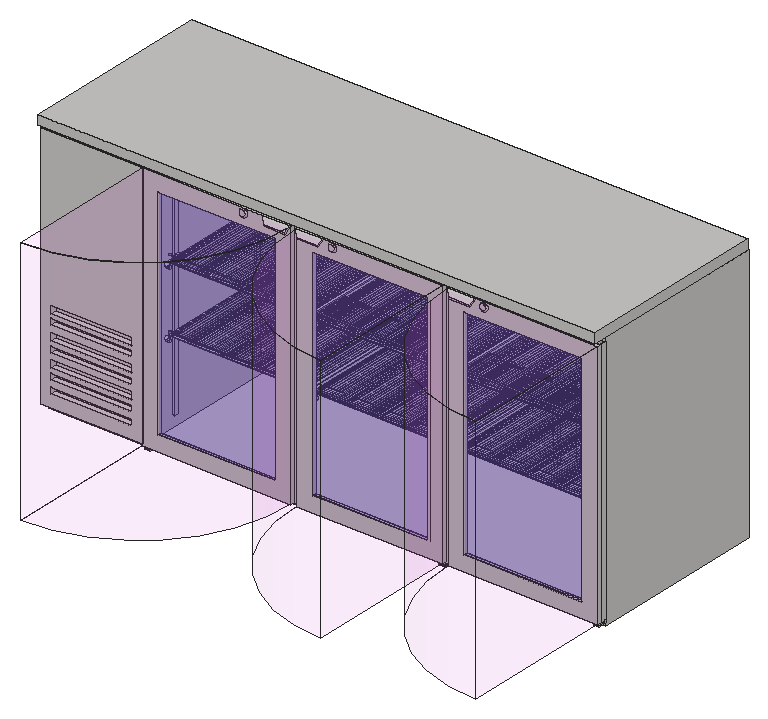
Revit family "QF_True_TBB24-72-3G-Z1-SFT-S-1_Glass_Swing_Door_Back_Bar", category Specialty Equipment, Revit 2021
Family settings
  Round Connector Dimension = Use Diameter
  Part Type = Normal
  Work Plane-Based = No
  Always vertical = Yes
  Cut with Voids When Loaded = No
  Shared = No
  Room Calculation Point = No
Parameters
  Weight in Pounds = 415
  Watts = Volts * FL Amps  # 368 W
  Volts = 115 V
  URL Cutsheet = ""
  Specification by User = ""
  Specification by Manufacturer = ""
  Show Seismic Flanged [instance] = yes
  Show Door Clearance [instance] = yes
  Show Default [instance] = if(or([Show 2" Casters], [Show 3" Casters]), or(or([Show 4" Casters], [Show 5" Casters], [Show 6" Legs]), and([Show 2" Casters], [Show 3" Casters]), and([Show 3" Casters], Show Seismic Flanged)), if(or([Show 4" Casters], [Show 5" Casters]), or(or([Show 6" Legs], Show Seismic Flanged), and([Show 4" Casters], [Show 5" Casters])), if([Show 6" Legs], Show Seismic Flanged, not(Show Seismic Flanged))))  # yes
  Show 6" Legs [instance] = yes
  Show 5" Casters [instance] = yes
  Show 4" Casters [instance] = yes
  Show 3" Casters [instance] = yes
  Show 2" Casters [instance] = yes
  Serial Number = ""
  Seismic Rating = ""
  SMACNA No = ""
  Revision Code = ""
  Phase = 1
  Number of Poles = 1
  NAFEM Spec ID Number = ""
  Model = "TBB24-72-3G-Z1-SFT-S-1"
  Min Ckt Ampacity = 0 A
  Max Overcurrent Protection = 0 A
  Masterspec = ""
  Manufacturer = "True"
  Length = 72 1/32"
  Item Number = ""
  Installed By = ""
  Identify Quantity as Lot = yes
  Height [instance] = Base Height + Body Height  # 34 23/32"
  HP = "1/4"
  Furnished By = ""
  Foodservice Equipment Identifier = yes
  FL Amps = 3.2 A
  Electrical Remarks = ""
  Electric Connection Type = ""
  Elec Conn RI Height = 0"
  Elec Conn Connection Height = 0"
  Door Finish [instance] = QF_Metal_Stainless_Polished
  Description = "Glass Swing Door Back Bar 24\" Depth Single Zone Cooler with Stainless Finished Top and Black Exterior"
  Depth = 25 11/32"
  Default Elevation = 0"
  Cycle = 60 Hz
  Counter Top Finish [instance] = QF_Metal_Stainless_Polished
  Conn Plug = "NEMA 5-15P"
  Conn Conduit = yes
  CSI MasterFormat = ""
  Body Height [instance] = 34 23/32"
  Body Finish [instance] = QF_Metal_Stainless_Polished
  Base Height [instance] = if(Show Default, 0", if([Show 2" Casters], 2", if([Show 3" Casters], 3", if([Show 4" Casters], 4", if([Show 5" Casters], 5", if([Show 6" Legs], 6", if(Show Seismic Flanged, 6", 0")))))))  # 0"
  Apparent Power = 0 VA
Reference planes (in)
  plane 1 "BACK": y = 0
  plane 2: z = 0
  plane 3 "LEFT": x = 0
  plane 4 "RIGHT": x = 72.03125
  plane 5 "FRONT": y = -25.34375
  plane 6 "TOP": z = 34.71875
  plane 7 "Center Y": x = 36.01563
  plane 8 "Center X": y = -12.67188
  plane 9: z = 0
Dimensions and locks (in)
  equal spacing: plane 3 "LEFT", plane 7 "Center Y", plane 4 "RIGHT"
  "Length": plane 3 "LEFT" to plane 4 "RIGHT"
  equal spacing: plane 5 "FRONT", plane 8 "Center X", plane 1 "BACK"
  "Depth": plane 5 "FRONT" to plane 1 "BACK"
  plane 6 "TOP" to level = 34 23/32"
  "Base Height": plane 9 to level
  "Body Height": plane 6 "TOP" to plane 9
  aligned and locked: level to plane 2
  aligned and locked: nested 1 to plane 9
Nested families (in)
  nested 1: "TBB24-72-3G-Z1-BST-B-1" at (0, 0, 0), Show Door Clearance <- "Show Door Clearance", Body Finish <- "Body Finish", Counter Top Finishes <- "Counter Top Finish", Door Finish <- "Door Finish", type "TBB24-72-3G-Z1-BST-B-1"
    with Show Door Clearance yes, Door Finish QF_Metal_Stainless_Polished, Counter Top Finishes QF_Metal_Stainless_Polished, Body Finish QF_Metal_Stainless_Polished
  nested 2: "Family3" at (2.5, -20.84523, 0), Show 2" Casters <- "Show 2" Casters", Show 3" Casters <- "Show 3" Casters", Show 4" Casters <- "Show 4" Casters", Show 5" Casters <- "Show 5" Casters", Show 6" Legs <- "Show 6" Legs", Show Seismic Flanged <- "Show Seismic Flanged", type "Family3"
    with Show Seismic Flanged yes, Show 6" Legs yes, Show 5" Casters yes, Show 4" Casters yes, Show 3" Casters yes, Show 2" Casters yes
  nested 3: "Family3" at (69.53125, -20.84523, 0), Show 2" Casters <- "Show 2" Casters", Show 3" Casters <- "Show 3" Casters", Show 4" Casters <- "Show 4" Casters", Show 5" Casters <- "Show 5" Casters", Show 6" Legs <- "Show 6" Legs", Show Seismic Flanged <- "Show Seismic Flanged", type "Family3"
    with Show Seismic Flanged yes, Show 6" Legs yes, Show 5" Casters yes, Show 4" Casters yes, Show 3" Casters yes, Show 2" Casters yes
  nested 4: "Family3" at (2.5, -3.09523, 0), Show 2" Casters <- "Show 2" Casters", Show 3" Casters <- "Show 3" Casters", Show 4" Casters <- "Show 4" Casters", Show 5" Casters <- "Show 5" Casters", Show 6" Legs <- "Show 6" Legs", Show Seismic Flanged <- "Show Seismic Flanged", type "Family3"
    with Show Seismic Flanged yes, Show 6" Legs yes, Show 5" Casters yes, Show 4" Casters yes, Show 3" Casters yes, Show 2" Casters yes
  nested 5: "Family3" at (69.53125, -3.09523, 0), Show 2" Casters <- "Show 2" Casters", Show 3" Casters <- "Show 3" Casters", Show 4" Casters <- "Show 4" Casters", Show 5" Casters <- "Show 5" Casters", Show 6" Legs <- "Show 6" Legs", Show Seismic Flanged <- "Show Seismic Flanged", type "Family3"
    with Show Seismic Flanged yes, Show 6" Legs yes, Show 5" Casters yes, Show 4" Casters yes, Show 3" Casters yes, Show 2" Casters yes
Connectors (in)
  electrical at (5.92159, 0.23047, 18.89834), driven by "Volts", driven by "Watts"
    settings: on nested 1, index 1, voltage 115 V, apparent load 368 VA, apparent load phase1 0 VA, apparent load phase2 0 VA, apparent load phase3 0 VA, power factor 1, load classification "Other", number of poles 1, system type 30, power factor state 1, is connector primary yes, connector utility no, sub classification motor no, connector description "ELECTRICAL CONNECTION"
Definition of nested family "TBB24-72-3G-Z1-BST-B-1"
  Parameters (values of type "TBB24-72-3G-Z1-BST-B-1")
    Weight in Pounds = 0
    URL Cutsheet = ""
    Specification by User = ""
    Specification by Manufacturer = ""
    Show Door Clearance [instance] = yes
    Serial Number = ""
    Seismic Rating = ""
    SMACNA No = ""
    Revision Code = ""
    NAFEM Spec ID Number = ""
    Masterspec = ""
    Length = 72 1/32"
    Item Number = ""
    Installed By = ""
    Identify Quantity as Lot = yes
    Height = 34 23/32"
    Furnished By = ""
    Foodservice Equipment Identifier = yes
    Door Finish [instance] = none
    Depth = 25 11/32"
    Default Elevation = 0"
    Counter Top Finishes [instance] = none
    CSI MasterFormat = ""
    Body Finish [instance] = none
  Reference planes (in)
    plane 1 "BACK": y = 0
    plane 2: z = 0
    plane 3 "LEFT": x = 0
    plane 4 "RIGHT": x = 72.03125
    plane 5 "FRONT": y = -25.34375
    plane 6 "TOP": z = 34.71875
    plane 7 "Center Y": x = 36.01563
    plane 8 "Center X": y = -12.67188
    plane 9: y = -44.09375
    plane 10: y = -24.875
    plane 11: z = 0.28263
    plane 12: x = 13.15625
    plane 13: x = 52.40625
    plane 14: y = -21.84523
    plane 15: y = -21.84523
    plane 16: y = -21.84523
    plane 17: y = -21.84523
    plane 18: y = -21.84523
    plane 19: y = -21.84523
    plane 20: y = -21.84523
    plane 21: y = -21.84523
    plane 22: y = -21.84523
    plane 23: y = -21.84523
    plane 24: y = -21.84523
    plane 25: y = -21.84523
    plane 26: y = -21.84523
    plane 27: y = -21.84523
    plane 28: y = -21.84523
    plane 29: y = -21.84523
    plane 30: y = -21.84523
    plane 31: y = -21.84523
    plane 32: y = -21.84523
    plane 33: y = -21.84523
    plane 34: y = -21.84523
    plane 35: y = -21.84523
    plane 36: y = -21.84523
    plane 37: y = -21.84523
    plane 38: y = -21.84523
    plane 39: y = -21.84523
    plane 40: y = -21.84523
    plane 41: y = -21.84523
    plane 42: y = -21.84523
    plane 43: y = -21.84523
    plane 44: y = -21.84523
    plane 45: y = -21.84523
    plane 46: y = -21.84523
    plane 47: y = -21.84523
    plane 48: y = -21.84523
    plane 49: y = -21.84523
    plane 50: y = -21.84523
    plane 51: y = -21.84523
    plane 52: y = -21.84523
    plane 53: y = -21.84523
    plane 54: y = -21.84523
    plane 55: y = -21.84523
    plane 56: y = -21.84523
    plane 57: y = -21.84523
    plane 58: y = -21.84523
    plane 59: y = -21.84523
    plane 60: y = -21.84523
    plane 61: y = -21.84523
    plane 62: y = -21.84523
    plane 63: y = -21.84523
    plane 64: y = -24.3696
  Forms (in)
    Extrusion 1, solid, material <- "Counter Top Finishes"
      sketch origin (0, 0, 0) x (1, 0, 0) y (0, 0, 1)
        loop
          line (0, 34.71875) -> (0, 33.46875) -> (72.03125, 33.46875) -> (72.03125, 34.71875) -> (0, 34.71875)
      from 0 to 24.875
    Extrusion 2, solid, material <- "Body Finish"
      sketch origin (0, 0, 0) x (0, 1, 0) y (0, 0, 1)
        loop
          line (0, 33.46875) -> (-23.09422, 33.46875) -> (-23.09422, 0) -> (0, 0) -> (0, 33.46875)
      from 0 to 72.03125
    Extrusion 3, solid, material <- "Body Finish"
      sketch origin (0, -23.09422, 33.46875) x (0, 0, -1) y (1, 0, 0)
        loop
          line (0.5625, 0) -> (32.48883, 0) -> (32.48883, 13.15625) -> (0.5625, 13.15625) -> (0.5625, 0)
      from 0 to 1.27538
    Extrusion 4, void
      sketch origin (0, -24.3696, 33.46875) x (0, 0, 1) y (1, 0, 0)
        loop
          line (-20.59422, 1.27626) -> (-20.59422, 11.8296) -> (-21.59422, 11.8296) -> (-21.59422, 1.27626) -> (-20.59422, 1.27626)
        loop
          line (-22.0483, 1.27626) -> (-22.0483, 11.8296) -> (-22.87544, 11.8296) -> (-22.87544, 1.27626) -> (-22.0483, 1.27626)
        loop
          line (-23.71922, 1.27626) -> (-23.71922, 11.8296) -> (-24.71922, 11.8296) -> (-24.71922, 1.27626) -> (-23.71922, 1.27626)
        loop
          line (-25.2983, 1.27626) -> (-25.2983, 11.8296) -> (-26.12544, 11.8296) -> (-26.12544, 1.27626) -> (-25.2983, 1.27626)
        loop
          line (-26.84422, 1.27626) -> (-26.84422, 11.8296) -> (-27.84422, 11.8296) -> (-27.84422, 1.27626) -> (-26.84422, 1.27626)
        loop
          line (-28.4233, 1.27626) -> (-28.4233, 11.8296) -> (-29.25044, 11.8296) -> (-29.25044, 1.27626) -> (-28.4233, 1.27626)
        loop
          line (-30.0483, 1.27626) -> (-30.0483, 11.8296) -> (-30.87544, 11.8296) -> (-30.87544, 1.27626) -> (-30.0483, 1.27626)
      from 0 to 0.83594
    Extrusion 5, solid, material <- "Body Finish"
      sketch origin (0, 0, 0) x (0, 0, 1) y (1, 0, 0)
        loop
          arc (20.62838, 11.27264) -> (20.40871, 11.80298) -> (19.87838, 12.02264) r 0.75
          line (19.87838, 12.02264) -> (1.3125, 12.02264)
          arc (1.3125, 12.02264) -> (0.78217, 11.80298) -> (0.5625, 11.27264) r 0.75
          line (0.5625, 11.27264) -> (0.5625, 0.75)
          arc (0.5625, 0.75) -> (0.78217, 0.21967) -> (1.3125, 0) r 0.75
          line (1.3125, 0) -> (19.87838, 0)
          arc (19.87838, 0) -> (20.40871, 0.21967) -> (20.62838, 0.75) r 0.75
          line (20.62838, 0.75) -> (20.62838, 5.19897) -> (21.06934, 5.19897)
          arc (21.06934, 5.19897) -> (21.81934, 5.94897) -> (21.06934, 6.69897) r 0.75
          line (21.06934, 6.69897) -> (20.62838, 6.69897) -> (20.62838, 11.27264)
      from 0 to 0.03125
    Extrusion 6, solid, material <- "Body Finish"
      sketch origin (0, 0.03125, 0) x (0, 0, 1) y (1, 0, 0)
        loop
          line (21.56934, 5.94897) -> (21.31934, 6.38198) -> (20.81934, 6.38198) -> (20.56934, 5.94897) -> (20.81934, 5.51596) -> (21.31934, 5.51596) -> (21.56934, 5.94897)
      from 0 to 0.19922
    Extrusion 7, solid, material <- "Body Finish"
      sketch origin (0, 0.03125, 0) x (0, 0, 1) y (1, 0, 0)
        loop
          circle (18.89834, 5.92159) r 0.5
      from 0 to 0.19922
    Extrusion 8, solid, material <- "Door Finish"
      sketch origin (0.80334, -23.09422, 33.46875) x (0, 0, -1) y (1, 0, 0)
        loop
          line (0.5625, 12.35291) -> (32.78125, 12.35291) -> (32.78125, 31.97791) -> (0.5625, 31.97791) -> (0.5625, 12.35291)
        loop
          line (31.78125, 13.35291) -> (31.78125, 30.97791) -> (1.5625, 30.97791) -> (1.5625, 13.35291) -> (31.78125, 13.35291)
      from 0 to 0.80663
    Extrusion 9, solid, material <- "Door Finish"
      sketch origin (40.05334, -23.09422, 33.46875) x (0, 0, -1) y (1, 0, 0)
        loop
          line (0.5625, 12.35496) -> (32.78125, 12.35496) -> (32.78125, 31.97791) -> (0.5625, 31.97791) -> (0.5625, 12.35496)
        loop
          line (31.78125, 13.79041) -> (31.78125, 30.97791) -> (1.5625, 30.97791) -> (1.5625, 13.79041) -> (31.78125, 13.79041)
      from 0 to 0.80663
    Extrusion 10, void
      sketch origin (0, -23.09422, 1.53125) x (1, 0, 0) y (0, -1, 0)
        loop
          line (14.13672, -18.75) -> (70.51172, -18.75) -> (70.51172, 0) -> (14.13672, 0) -> (14.13672, -18.75)
      from 0 to -30.84375
    Extrusion 11, solid, material <- "Door Finish"
      sketch origin (0.80334, -23.90085, 33.46875) x (0, 0, -1) y (1, 0, 0)
        loop
          line (0.5625, 12.35291) -> (32.78125, 12.35291) -> (32.78125, 31.60291) -> (0.5625, 31.60291) -> (0.5625, 12.35291)
        loop
          line (2.5625, 29.60291) -> (2.5625, 14.35291) -> (30.78125, 14.35291) -> (30.78125, 29.60291) -> (2.5625, 29.60291)
      from 0 to 0.46875
    Blend 12, solid, material <- "Door Finish"
      base sketch origin (0.80334, -24.3696, 33.46875) x (0, 0, -1) y (1, 0, 0)
        loop
          circle (1.15564, 25.41355) r 0.5
      top sketch origin (0.80334, -24.3696, 33.46875) x (0, 0, -1) y (1, 0, 0)
        loop
          circle (1.15564, 25.41355) r 0.39938
      from 0 to 0.12886
    Blend 13, solid, material <- "Door Finish"
      base sketch origin (83.50916, -24.3696, 33.46875) x (0, 0, -1) y (1, 0, 0)
        loop
          circle (1.15564, -26.16355) r 0.5
      top sketch origin (83.50916, -24.3696, 33.46875) x (0, 0, -1) y (1, 0, 0)
        loop
          circle (1.15564, -26.16355) r 0.39938
      from 0 to 0.12886
    Extrusion 14, solid
      sketch origin (-1.45011, -180, 0.28263) x (-1, 0, 0) y (0, -1, 0)
        loop
          line (-14.60636, -156.90578) -> (-14.60636, -156.03078)
          arc (-14.60636, -156.03078) -> (-14.64297, -155.9424) -> (-14.73136, -155.90578) r 0.125
          line (-14.73136, -155.90578) -> (-15.30008, -155.90578)
          arc (-15.30008, -155.90578) -> (-15.37178, -155.92839) -> (-15.41755, -155.98803) r 0.125
          line (-15.41755, -155.98803) -> (-15.69052, -156.73803)
          arc (-15.69052, -156.73803) -> (-15.67546, -156.85248) -> (-15.57306, -156.90578) r 0.125
          line (-15.57306, -156.90578) -> (-14.60636, -156.90578)
        loop
          line (-53.52038, -156.90578) -> (-52.55368, -156.90578)
          arc (-52.55368, -156.90578) -> (-52.45129, -156.85248) -> (-52.43622, -156.73803) r 0.125
          line (-52.43622, -156.73803) -> (-52.7092, -155.98803)
          arc (-52.7092, -155.98803) -> (-52.75496, -155.92839) -> (-52.82666, -155.90578) r 0.125
          line (-52.82666, -155.90578) -> (-53.39538, -155.90578)
          arc (-53.39538, -155.90578) -> (-53.48377, -155.9424) -> (-53.52038, -156.03078) r 0.125
          line (-53.52038, -156.03078) -> (-53.52038, -156.90578)
        loop
          line (-73.48136, -156.90578) -> (-72.51466, -156.90578)
          arc (-72.51466, -156.90578) -> (-72.41226, -156.85248) -> (-72.3972, -156.73803) r 0.125
          line (-72.3972, -156.73803) -> (-72.67017, -155.98803)
          arc (-72.67017, -155.98803) -> (-72.71594, -155.92839) -> (-72.78764, -155.90578) r 0.125
          line (-72.78764, -155.90578) -> (-73.35636, -155.90578)
          arc (-73.35636, -155.90578) -> (-73.44475, -155.9424) -> (-73.48136, -156.03078) r 0.125
          line (-73.48136, -156.03078) -> (-73.48136, -156.90578)
      from 0 to 0.07705
    Extrusion 15, solid
      sketch origin (0, -23.09422, 33.46875) x (0, 0, -1) y (1, 0, 0)
        loop
          line (33.18612, 13.15625) -> (33.18612, 14.24795) -> (32.78125, 14.24795) -> (32.78125, 13.15625) -> (33.18612, 13.15625)
        loop
          line (33.18612, 51.31455) -> (33.18612, 52.40625) -> (32.78125, 52.40625) -> (32.78125, 51.31455) -> (33.18612, 51.31455)
        loop
          line (33.18612, 70.93955) -> (33.18612, 72.03125) -> (32.78125, 72.03125) -> (32.78125, 70.93955) -> (33.18612, 70.93955)
      from 0 to 0.03214
    Extrusion 16, solid
      sketch origin (-1.45011, -180, 0.35968) x (-1, 0, 0) y (0, -1, 0)
        loop
          circle (-15.01572, -156.38971) r 0.25
        loop
          circle (-53.11102, -156.38971) r 0.25
        loop
          circle (-73.04647, -156.38971) r 0.25
      from 0 to 0.32782
    Extrusion 17, solid
      sketch origin (71.71875, 0, 33.46875) x (0, 1, 0) y (1, 0, 0)
        loop
          circle (-23.61029, -58.15314) r 0.25
        loop
          circle (-23.61029, -20.05784) r 0.25
        loop
          circle (-23.61029, -0.12239) r 0.25
      from 0 to 0.5625
    Extrusion 18, solid
      sketch origin (14.15625, -5.34422, 1.71962) x (0, 1, 0) y (0, 0, 1)
        loop
          line (-15.50101, 28.99913) -> (-15.50101, 1.46788) -> (-15.00101, 1.46788) -> (-15.00101, 28.99913) -> (-15.50101, 28.99913)
        loop
          line (-2.25101, 28.99913) -> (-2.25101, 1.46788) -> (-1.75101, 1.46788) -> (-1.75101, 28.99913) -> (-2.25101, 28.99913)
      from 0 to 0.38124
    Extrusion 19, solid
      sketch origin (14.15625, -4.34422, 1.71962) x (1, 0, 0) y (0, 0, 1)
        loop
          line (17.3189, 28.99913) -> (17.3189, 1.46788) -> (17.8189, 1.46788) -> (17.8189, 28.99913) -> (17.3189, 28.99913)
        loop
          line (1.3189, 28.99913) -> (1.3189, 1.46788) -> (1.8189, 1.46788) -> (1.8189, 28.99913) -> (1.3189, 28.99913)
        loop
          line (36.48437, 28.99913) -> (36.48437, 1.46788) -> (36.98437, 1.46788) -> (36.98437, 28.99913) -> (36.48437, 28.99913)
        loop
          line (19.9311, 28.99913) -> (19.4311, 28.99913) -> (19.4311, 1.46788) -> (19.9311, 1.46788) -> (19.9311, 28.99913)
        loop
          line (40.01563, 28.99913) -> (39.51563, 28.99913) -> (39.51563, 1.46788) -> (40.01563, 1.46788) -> (40.01563, 28.99913)
        loop
          line (55.01563, 28.99913) -> (54.51563, 28.99913) -> (54.51563, 1.46788) -> (55.01563, 1.46788) -> (55.01563, 28.99913)
      from 0 to 0.38281
    Sweep 20, solid
      path origin (-5.14658, -182.67731, 21.66353) x (-1, 0, 0) y (0, -1, 0)
        loop
          line (-19.93408, -160.83208) -> (-37.27783, -160.83208)
          arc (-37.27783, -160.83208) -> (-37.63138, -160.97853) -> (-37.77783, -161.33208) r 0.5
          line (-37.77783, -161.33208) -> (-37.77783, -177.20028)
          arc (-37.77783, -177.20028) -> (-37.63138, -177.55383) -> (-37.27783, -177.70028) r 0.5
          line (-37.27783, -177.70028) -> (-20.43408, -177.70028)
          arc (-20.43408, -177.70028) -> (-20.08052, -177.55383) -> (-19.93408, -177.20028) r 0.5
          line (-19.93408, -177.20028) -> (-19.93408, -160.33208)
          arc (-19.93408, -160.33208) -> (-20.08052, -159.97853) -> (-20.43408, -159.83208) r 0.5
          line (-20.43408, -159.83208) -> (-20.68408, -159.83208)
      profile origin (14.7875, -13.91113, 21.66353) x (1, 0, 0) y (0, 0, 1)
        loop
          circle (0, -0.10817) r 0.14183
    Extrusion 21, solid
      sketch origin (14.15625, -20.84523, 3.1875) x (0, 0, 1) y (-1, 0, 0)
        loop
          line (18.75728, -0.82407) -> (18.75728, -0.38124) -> (18.17613, -0.38124) -> (18.61896, -0.82407) -> (18.75728, -0.82407)
        loop
          line (18.75728, -55.5314) -> (18.61896, -55.5314) -> (18.17613, -55.97423) -> (18.75728, -55.97423) -> (18.75728, -55.5314)
      from 0 to -0.5
    Extrusion 22, solid
      sketch origin (14.15625, -7.59523, 3.1875) x (0, 0, 1) y (-1, 0, 0)
        loop
          line (18.75728, -0.82407) -> (18.75728, -0.38124) -> (18.17613, -0.38124) -> (18.61896, -0.82407) -> (18.75728, -0.82407)
        loop
          line (18.75728, -55.5314) -> (18.61896, -55.5314) -> (18.17613, -55.97423) -> (18.75728, -55.97423) -> (18.75728, -55.5314)
      from 0 to -0.5
    Extrusion 23, solid
      sketch origin (31.47515, -4.34422, 3.1875) x (0, 0, 1) y (0, 1, 0)
        loop
          line (18.75728, -0.82564) -> (18.75728, -0.38281) -> (18.17613, -0.38281) -> (18.61896, -0.82564) -> (18.75728, -0.82564)
      from 0 to -0.5
    Extrusion 24, solid
      sketch origin (15.47515, -4.34422, 3.1875) x (0, 0, 1) y (0, 1, 0)
        loop
          line (18.75728, -0.82564) -> (18.75728, -0.38281) -> (18.17613, -0.38281) -> (18.61896, -0.82564) -> (18.75728, -0.82564)
      from 0 to -0.5
    Extrusion 25, solid
      sketch origin (69.17188, -4.34422, 29.12947) x (0, 0, 1) y (0, -1, 0)
        loop
          line (-7.18469, 0.82564) -> (-7.32301, 0.82564) -> (-7.76583, 0.38281) -> (-7.18469, 0.38281) -> (-7.18469, 0.82564)
      from 0 to -0.5
    Extrusion 26, solid
      sketch origin (54.17188, -4.34422, 29.12947) x (0, 0, 1) y (0, -1, 0)
        loop
          line (-7.18469, 0.82564) -> (-7.32301, 0.82564) -> (-7.76583, 0.38281) -> (-7.18469, 0.38281) -> (-7.18469, 0.82564)
      from 0 to -0.5
    Extrusion 27, solid
      sketch origin (14.15625, -20.84523, -5.3125) x (0, 0, 1) y (-1, 0, 0)
        loop
          line (18.22603, -0.82407) -> (18.22603, -0.38124) -> (17.64488, -0.38124) -> (18.08771, -0.82407) -> (18.22603, -0.82407)
        loop
          line (18.22603, -55.5314) -> (18.08771, -55.5314) -> (17.64488, -55.97423) -> (18.22603, -55.97423) -> (18.22603, -55.5314)
      from 0 to -0.5
    Extrusion 28, solid
      sketch origin (14.15625, -7.59523, -5.3125) x (0, 0, 1) y (-1, 0, 0)
        loop
          line (18.22603, -0.82407) -> (18.22603, -0.38124) -> (17.64488, -0.38124) -> (18.08771, -0.82407) -> (18.22603, -0.82407)
        loop
          line (18.22603, -55.5314) -> (18.08771, -55.5314) -> (17.64488, -55.97423) -> (18.22603, -55.97423) -> (18.22603, -55.5314)
      from 0 to -0.5
    Extrusion 29, solid
      sketch origin (31.47515, -4.34422, -5.3125) x (0, 0, 1) y (0, 1, 0)
        loop
          line (18.22603, -0.82564) -> (18.22603, -0.38281) -> (17.64488, -0.38281) -> (18.08771, -0.82564) -> (18.22603, -0.82564)
      from 0 to -0.5
    Extrusion 30, solid
      sketch origin (15.47515, -4.34422, -5.3125) x (0, 0, 1) y (0, 1, 0)
        loop
          line (18.22603, -0.82564) -> (18.22603, -0.38281) -> (17.64488, -0.38281) -> (18.08771, -0.82564) -> (18.22603, -0.82564)
      from 0 to -0.5
    Extrusion 31, solid
      sketch origin (69.17188, -4.34422, 20.62947) x (0, 0, 1) y (0, -1, 0)
        loop
          line (-7.71594, 0.82564) -> (-7.85426, 0.82564) -> (-8.29708, 0.38281) -> (-7.71594, 0.38281) -> (-7.71594, 0.82564)
      from 0 to -0.5
    Extrusion 32, solid
      sketch origin (54.17188, -4.34422, 20.62947) x (0, 0, 1) y (0, -1, 0)
        loop
          line (-7.71594, 0.82564) -> (-7.85426, 0.82564) -> (-8.29708, 0.38281) -> (-7.71594, 0.38281) -> (-7.71594, 0.82564)
      from 0 to -0.5
    Sweep 33, solid
      path origin (-5.14658, -182.67731, 13.16353) x (-1, 0, 0) y (0, -1, 0)
        loop
          line (-19.93408, -160.83208) -> (-37.27783, -160.83208)
          arc (-37.27783, -160.83208) -> (-37.63138, -160.97853) -> (-37.77783, -161.33208) r 0.5
          line (-37.77783, -161.33208) -> (-37.77783, -177.20028)
          arc (-37.77783, -177.20028) -> (-37.63138, -177.55383) -> (-37.27783, -177.70028) r 0.5
          line (-37.27783, -177.70028) -> (-20.43408, -177.70028)
          arc (-20.43408, -177.70028) -> (-20.08052, -177.55383) -> (-19.93408, -177.20028) r 0.5
          line (-19.93408, -177.20028) -> (-19.93408, -160.33208)
          arc (-19.93408, -160.33208) -> (-20.08052, -159.97853) -> (-20.43408, -159.83208) r 0.5
          line (-20.43408, -159.83208) -> (-20.68408, -159.83208)
      profile origin (14.7875, -13.91113, 13.16353) x (1, 0, 0) y (0, 0, 1)
        loop
          circle (0, -0.10817) r 0.14183
    Extrusion 34, solid
      sketch origin (14.7875, -180.67756, 21.69719) x (0, 0, 1) y (0, -1, 0)
        loop
          circle (0.6482, -158.83233) r 0.05462
      from -0.25 to 17.83516
    Extrusion 35, solid
      sketch origin (14.7875, -180.67756, 13.19719) x (0, 0, 1) y (0, -1, 0)
        loop
          circle (0.11695, -158.83233) r 0.05462
      from -0.25 to 17.83516
    Extrusion 36, solid
      sketch origin (69.91954, -180.67756, 21.69719) x (0, 0, 1) y (0, 1, 0)
        loop
          circle (0.6482, 158.83233) r 0.05462
      from -0.21094 to 17.63204
    Extrusion 37, solid
      sketch origin (69.91954, -180.67756, 13.19719) x (0, 0, 1) y (0, 1, 0)
        loop
          circle (0.11695, 158.83233) r 0.05462
      from -0.21094 to 17.63204
    Extrusion 38, solid
      sketch origin (51.14062, -4.34422, 29.12947) x (0, 0, 1) y (0, -1, 0)
        loop
          line (-7.18469, 0.82564) -> (-7.32301, 0.82564) -> (-7.76583, 0.38281) -> (-7.18469, 0.38281) -> (-7.18469, 0.82564)
      from 0 to -0.5
    Extrusion 39, solid
      sketch origin (34.08735, -4.34422, 29.12947) x (0, 0, 1) y (0, -1, 0)
        loop
          line (-7.18469, 0.82564) -> (-7.32301, 0.82564) -> (-7.76583, 0.38281) -> (-7.18469, 0.38281) -> (-7.18469, 0.82564)
      from 0 to -0.5
    Extrusion 40, solid
      sketch origin (51.14062, -4.34422, 20.62947) x (0, 0, 1) y (0, -1, 0)
        loop
          line (-7.71594, 0.82564) -> (-7.85426, 0.82564) -> (-8.29708, 0.38281) -> (-7.71594, 0.38281) -> (-7.71594, 0.82564)
      from 0 to -0.5
    Extrusion 41, solid
      sketch origin (34.08735, -4.34422, 20.62947) x (0, 0, 1) y (0, -1, 0)
        loop
          line (-7.71594, 0.82564) -> (-7.85426, 0.82564) -> (-8.29708, 0.38281) -> (-7.71594, 0.38281) -> (-7.71594, 0.82564)
      from 0 to -0.5
    Sweep 42, solid
      path origin (13.60342, -182.67731, 21.66353) x (-1, 0, 0) y (0, -1, 0)
        loop
          line (-19.93408, -160.83208) -> (-37.27783, -160.83208)
          arc (-37.27783, -160.83208) -> (-37.63138, -160.97853) -> (-37.77783, -161.33208) r 0.5
          line (-37.77783, -161.33208) -> (-37.77783, -177.20028)
          arc (-37.77783, -177.20028) -> (-37.63138, -177.55383) -> (-37.27783, -177.70028) r 0.5
          line (-37.27783, -177.70028) -> (-20.43408, -177.70028)
          arc (-20.43408, -177.70028) -> (-20.08052, -177.55383) -> (-19.93408, -177.20028) r 0.5
          line (-19.93408, -177.20028) -> (-19.93408, -160.33208)
          arc (-19.93408, -160.33208) -> (-20.08052, -159.97853) -> (-20.43408, -159.83208) r 0.5
          line (-20.43408, -159.83208) -> (-20.93408, -159.83208)
      profile origin (33.5375, -13.91113, 21.66353) x (1, 0, 0) y (0, 0, 1)
        loop
          circle (0, -0.10817) r 0.14183
    Sweep 43, solid
      path origin (13.60342, -182.67731, 13.16353) x (-1, 0, 0) y (0, -1, 0)
        loop
          line (-19.93408, -160.83208) -> (-37.27783, -160.83208)
          arc (-37.27783, -160.83208) -> (-37.63138, -160.97853) -> (-37.77783, -161.33208) r 0.5
          line (-37.77783, -161.33208) -> (-37.77783, -177.20028)
          arc (-37.77783, -177.20028) -> (-37.63138, -177.55383) -> (-37.27783, -177.70028) r 0.5
          line (-37.27783, -177.70028) -> (-20.43408, -177.70028)
          arc (-20.43408, -177.70028) -> (-20.08052, -177.55383) -> (-19.93408, -177.20028) r 0.5
          line (-19.93408, -177.20028) -> (-19.93408, -160.33208)
          arc (-19.93408, -160.33208) -> (-20.08052, -159.97853) -> (-20.43408, -159.83208) r 0.5
          line (-20.43408, -159.83208) -> (-20.93408, -159.83208)
      profile origin (33.5375, -13.91113, 13.16353) x (1, 0, 0) y (0, 0, 1)
        loop
          circle (0, -0.10817) r 0.14183
    Sweep 44, solid
      path origin (32.35342, -182.67731, 21.66353) x (-1, 0, 0) y (0, -1, 0)
        loop
          line (-19.93408, -160.83208) -> (-37.27783, -160.83208)
          arc (-37.27783, -160.83208) -> (-37.63138, -160.97853) -> (-37.77783, -161.33208) r 0.5
          line (-37.77783, -161.33208) -> (-37.77783, -177.20028)
          arc (-37.77783, -177.20028) -> (-37.63138, -177.55383) -> (-37.27783, -177.70028) r 0.5
          line (-37.27783, -177.70028) -> (-20.43408, -177.70028)
          arc (-20.43408, -177.70028) -> (-20.08052, -177.55383) -> (-19.93408, -177.20028) r 0.5
          line (-19.93408, -177.20028) -> (-19.93408, -160.33208)
          arc (-19.93408, -160.33208) -> (-20.08052, -159.97853) -> (-20.43408, -159.83208) r 0.5
          line (-20.43408, -159.83208) -> (-20.68408, -159.83208)
      profile origin (52.2875, -13.91113, 21.66353) x (1, 0, 0) y (0, 0, 1)
        loop
          circle (0, -0.10817) r 0.14183
    Sweep 45, solid
      path origin (32.35342, -182.67731, 13.16353) x (-1, 0, 0) y (0, -1, 0)
        loop
          line (-19.93408, -160.83208) -> (-37.27783, -160.83208)
          arc (-37.27783, -160.83208) -> (-37.63138, -160.97853) -> (-37.77783, -161.33208) r 0.5
          line (-37.77783, -161.33208) -> (-37.77783, -177.20028)
          arc (-37.77783, -177.20028) -> (-37.63138, -177.55383) -> (-37.27783, -177.70028) r 0.5
          line (-37.27783, -177.70028) -> (-20.43408, -177.70028)
          arc (-20.43408, -177.70028) -> (-20.08052, -177.55383) -> (-19.93408, -177.20028) r 0.5
          line (-19.93408, -177.20028) -> (-19.93408, -160.33208)
          arc (-19.93408, -160.33208) -> (-20.08052, -159.97853) -> (-20.43408, -159.83208) r 0.5
          line (-20.43408, -159.83208) -> (-20.68408, -159.83208)
      profile origin (52.2875, -13.91113, 13.16353) x (1, 0, 0) y (0, 0, 1)
        loop
          circle (0, -0.10817) r 0.14183
    Extrusion 46, solid
      sketch origin (70.13048, -5.34422, 1.71962) x (0, 1, 0) y (0, 0, 1)
        loop
          line (-15.50101, 28.99913) -> (-15.50101, 1.46788) -> (-15.00101, 1.46788) -> (-15.00101, 28.99913) -> (-15.50101, 28.99913)
        loop
          line (-2.25101, 28.99913) -> (-2.25101, 1.46788) -> (-1.75101, 1.46788) -> (-1.75101, 28.99913) -> (-2.25101, 28.99913)
      from 0 to 0.38124
    Extrusion 47, solid
      sketch origin (33.7875, -180.67756, 21.69719) x (0, 0, 1) y (0, -1, 0)
        loop
          circle (0.6482, -158.83233) r 0.05462
      from -0.25 to 17.60313
    Extrusion 48, solid
      sketch origin (33.7875, -180.67756, 13.19719) x (0, 0, 1) y (0, -1, 0)
        loop
          circle (0.11695, -158.83233) r 0.05462
      from -0.25 to 17.59823
    Extrusion 49, solid
      sketch origin (0, 0, 0) x (1, 0, 0) y (0, 0, 1)
        loop
          circle (14.90115, 21.72801) r 0.03267
      from 4.97058 to 21.86282
    Extrusion 50, solid
      sketch origin (17.58335, 0, 0) x (1, 0, 0) y (0, 0, 1)
        loop
          circle (14.90115, 21.72801) r 0.03267
      from 4.97058 to 21.86282
    Extrusion 51, solid
      sketch origin (0.35884, 0, 0) x (1, 0, 0) y (0, 0, 1)
        loop
          circle (14.90115, 21.72801) r 0.03267
      from 4.97058 to 21.86282
    Extrusion 52, solid
      sketch origin (0.71769, 0, 0) x (1, 0, 0) y (0, 0, 1)
        loop
          circle (14.90115, 21.72801) r 0.03267
      from 4.97058 to 21.86282
    Extrusion 53, solid
      sketch origin (1.07653, 0, 0) x (1, 0, 0) y (0, 0, 1)
        loop
          circle (14.90115, 21.72801) r 0.03267
      from 4.97058 to 21.86282
    Extrusion 54, solid
      sketch origin (1.43538, 0, 0) x (1, 0, 0) y (0, 0, 1)
        loop
          circle (14.90115, 21.72801) r 0.03267
      from 4.97058 to 21.86282
    Extrusion 55, solid
      sketch origin (1.79422, 0, 0) x (1, 0, 0) y (0, 0, 1)
        loop
          circle (14.90115, 21.72801) r 0.03267
      from 4.97058 to 21.86282
    Extrusion 56, solid
      sketch origin (2.15306, 0, 0) x (1, 0, 0) y (0, 0, 1)
        loop
          circle (14.90115, 21.72801) r 0.03267
      from 4.97058 to 21.86282
    Extrusion 57, solid
      sketch origin (2.51191, 0, 0) x (1, 0, 0) y (0, 0, 1)
        loop
          circle (14.90115, 21.72801) r 0.03267
      from 4.97058 to 21.86282
    Extrusion 58, solid
      sketch origin (2.87075, 0, 0) x (1, 0, 0) y (0, 0, 1)
        loop
          circle (14.90115, 21.72801) r 0.03267
      from 4.97058 to 21.86282
    Extrusion 59, solid
      sketch origin (3.22959, 0, 0) x (1, 0, 0) y (0, 0, 1)
        loop
          circle (14.90115, 21.72801) r 0.03267
      from 4.97058 to 21.86282
    Extrusion 60, solid
      sketch origin (3.58844, 0, 0) x (1, 0, 0) y (0, 0, 1)
        loop
          circle (14.90115, 21.72801) r 0.03267
      from 4.97058 to 21.86282
    Extrusion 61, solid
      sketch origin (3.94728, 0, 0) x (1, 0, 0) y (0, 0, 1)
        loop
          circle (14.90115, 21.72801) r 0.03267
      from 4.97058 to 21.86282
    Extrusion 62, solid
      sketch origin (4.30613, 0, 0) x (1, 0, 0) y (0, 0, 1)
        loop
          circle (14.90115, 21.72801) r 0.03267
      from 4.97058 to 21.86282
    Extrusion 63, solid
      sketch origin (4.66497, 0, 0) x (1, 0, 0) y (0, 0, 1)
        loop
          circle (14.90115, 21.72801) r 0.03267
      from 4.97058 to 21.86282
    Extrusion 64, solid
      sketch origin (5.02381, 0, 0) x (1, 0, 0) y (0, 0, 1)
        loop
          circle (14.90115, 21.72801) r 0.03267
      from 4.97058 to 21.86282
    Extrusion 65, solid
      sketch origin (5.38266, 0, 0) x (1, 0, 0) y (0, 0, 1)
        loop
          circle (14.90115, 21.72801) r 0.03267
      from 4.97058 to 21.86282
    Extrusion 66, solid
      sketch origin (5.7415, 0, 0) x (1, 0, 0) y (0, 0, 1)
        loop
          circle (14.90115, 21.72801) r 0.03267
      from 4.97058 to 21.86282
    Extrusion 67, solid
      sketch origin (6.10035, 0, 0) x (1, 0, 0) y (0, 0, 1)
        loop
          circle (14.90115, 21.72801) r 0.03267
      from 4.97058 to 21.86282
    Extrusion 68, solid
      sketch origin (6.45919, 0, 0) x (1, 0, 0) y (0, 0, 1)
        loop
          circle (14.90115, 21.72801) r 0.03267
      from 4.97058 to 21.86282
    Extrusion 69, solid
      sketch origin (6.81803, 0, 0) x (1, 0, 0) y (0, 0, 1)
        loop
          circle (14.90115, 21.72801) r 0.03267
      from 4.97058 to 21.86282
    Extrusion 70, solid
      sketch origin (7.17688, 0, 0) x (1, 0, 0) y (0, 0, 1)
        loop
          circle (14.90115, 21.72801) r 0.03267
      from 4.97058 to 21.86282
    Extrusion 71, solid
      sketch origin (7.53572, 0, 0) x (1, 0, 0) y (0, 0, 1)
        loop
          circle (14.90115, 21.72801) r 0.03267
      from 4.97058 to 21.86282
    Extrusion 72, solid
      sketch origin (7.89456, 0, 0) x (1, 0, 0) y (0, 0, 1)
        loop
          circle (14.90115, 21.72801) r 0.03267
      from 4.97058 to 21.86282
    Extrusion 73, solid
      sketch origin (8.25341, 0, 0) x (1, 0, 0) y (0, 0, 1)
        loop
          circle (14.90115, 21.72801) r 0.03267
      from 4.97058 to 21.86282
    Extrusion 74, solid
      sketch origin (8.61225, 0, 0) x (1, 0, 0) y (0, 0, 1)
        loop
          circle (14.90115, 21.72801) r 0.03267
      from 4.97058 to 21.86282
    Extrusion 75, solid
      sketch origin (8.9711, 0, 0) x (1, 0, 0) y (0, 0, 1)
        loop
          circle (14.90115, 21.72801) r 0.03267
      from 4.97058 to 21.86282
    Extrusion 76, solid
      sketch origin (9.32994, 0, 0) x (1, 0, 0) y (0, 0, 1)
        loop
          circle (14.90115, 21.72801) r 0.03267
      from 4.97058 to 21.86282
    Extrusion 77, solid
      sketch origin (9.68878, 0, 0) x (1, 0, 0) y (0, 0, 1)
        loop
          circle (14.90115, 21.72801) r 0.03267
      from 4.97058 to 21.86282
    Extrusion 78, solid
      sketch origin (10.04763, 0, 0) x (1, 0, 0) y (0, 0, 1)
        loop
          circle (14.90115, 21.72801) r 0.03267
      from 4.97058 to 21.86282
    Extrusion 79, solid
      sketch origin (10.40647, 0, 0) x (1, 0, 0) y (0, 0, 1)
        loop
          circle (14.90115, 21.72801) r 0.03267
      from 4.97058 to 21.86282
    Extrusion 80, solid
      sketch origin (10.76531, 0, 0) x (1, 0, 0) y (0, 0, 1)
        loop
          circle (14.90115, 21.72801) r 0.03267
      from 4.97058 to 21.86282
    Extrusion 81, solid
      sketch origin (11.12416, 0, 0) x (1, 0, 0) y (0, 0, 1)
        loop
          circle (14.90115, 21.72801) r 0.03267
      from 4.97058 to 21.86282
    Extrusion 82, solid
      sketch origin (11.483, 0, 0) x (1, 0, 0) y (0, 0, 1)
        loop
          circle (14.90115, 21.72801) r 0.03267
      from 4.97058 to 21.86282
    Extrusion 83, solid
      sketch origin (11.84185, 0, 0) x (1, 0, 0) y (0, 0, 1)
        loop
          circle (14.90115, 21.72801) r 0.03267
      from 4.97058 to 21.86282
    Extrusion 84, solid
      sketch origin (12.20069, 0, 0) x (1, 0, 0) y (0, 0, 1)
        loop
          circle (14.90115, 21.72801) r 0.03267
      from 4.97058 to 21.86282
    Extrusion 85, solid
      sketch origin (12.55953, 0, 0) x (1, 0, 0) y (0, 0, 1)
        loop
          circle (14.90115, 21.72801) r 0.03267
      from 4.97058 to 21.86282
    Extrusion 86, solid
      sketch origin (12.91838, 0, 0) x (1, 0, 0) y (0, 0, 1)
        loop
          circle (14.90115, 21.72801) r 0.03267
      from 4.97058 to 21.86282
    Extrusion 87, solid
      sketch origin (13.27722, 0, 0) x (1, 0, 0) y (0, 0, 1)
        loop
          circle (14.90115, 21.72801) r 0.03267
      from 4.97058 to 21.86282
    Extrusion 88, solid
      sketch origin (13.63607, 0, 0) x (1, 0, 0) y (0, 0, 1)
        loop
          circle (14.90115, 21.72801) r 0.03267
      from 4.97058 to 21.86282
    Extrusion 89, solid
      sketch origin (13.99491, 0, 0) x (1, 0, 0) y (0, 0, 1)
        loop
          circle (14.90115, 21.72801) r 0.03267
      from 4.97058 to 21.86282
    Extrusion 90, solid
      sketch origin (14.35375, 0, 0) x (1, 0, 0) y (0, 0, 1)
        loop
          circle (14.90115, 21.72801) r 0.03267
      from 4.97058 to 21.86282
    Extrusion 91, solid
      sketch origin (14.7126, 0, 0) x (1, 0, 0) y (0, 0, 1)
        loop
          circle (14.90115, 21.72801) r 0.03267
      from 4.97058 to 21.86282
    Extrusion 92, solid
      sketch origin (15.07144, 0, 0) x (1, 0, 0) y (0, 0, 1)
        loop
          circle (14.90115, 21.72801) r 0.03267
      from 4.97058 to 21.86282
    Extrusion 93, solid
      sketch origin (15.43028, 0, 0) x (1, 0, 0) y (0, 0, 1)
        loop
          circle (14.90115, 21.72801) r 0.03267
      from 4.97058 to 21.86282
    Extrusion 94, solid
      sketch origin (15.78913, 0, 0) x (1, 0, 0) y (0, 0, 1)
        loop
          circle (14.90115, 21.72801) r 0.03267
      from 4.97058 to 21.86282
    Extrusion 95, solid
      sketch origin (16.14797, 0, 0) x (1, 0, 0) y (0, 0, 1)
        loop
          circle (14.90115, 21.72801) r 0.03267
      from 4.97058 to 21.86282
    Extrusion 96, solid
      sketch origin (16.50682, 0, 0) x (1, 0, 0) y (0, 0, 1)
        loop
          circle (14.90115, 21.72801) r 0.03267
      from 4.97058 to 21.86282
    Extrusion 97, solid
      sketch origin (16.86566, 0, 0) x (1, 0, 0) y (0, 0, 1)
        loop
          circle (14.90115, 21.72801) r 0.03267
      from 4.97058 to 21.86282
    Extrusion 98, solid
      sketch origin (17.2245, 0, 0) x (1, 0, 0) y (0, 0, 1)
        loop
          circle (14.90115, 21.72801) r 0.03267
      from 4.97058 to 21.86282
    Extrusion 99, solid
      sketch origin (0, 0, -8.5) x (1, 0, 0) y (0, 0, 1)
        loop
          circle (14.90115, 21.72801) r 0.03267
      from 4.97058 to 21.84523
    Extrusion 100, solid
      sketch origin (17.58335, 0, -8.5) x (1, 0, 0) y (0, 0, 1)
        loop
          circle (14.90115, 21.72801) r 0.03267
      from 4.97058 to 21.84523
    Extrusion 101, solid
      sketch origin (0.35884, 0, -8.5) x (1, 0, 0) y (0, 0, 1)
        loop
          circle (14.90115, 21.72801) r 0.03267
      from 4.97058 to 21.84523
    Extrusion 102, solid
      sketch origin (0.71769, 0, -8.5) x (1, 0, 0) y (0, 0, 1)
        loop
          circle (14.90115, 21.72801) r 0.03267
      from 4.97058 to 21.84523
    Extrusion 103, solid
      sketch origin (1.07653, 0, -8.5) x (1, 0, 0) y (0, 0, 1)
        loop
          circle (14.90115, 21.72801) r 0.03267
      from 4.97058 to 21.84523
    Extrusion 104, solid
      sketch origin (1.43538, 0, -8.5) x (1, 0, 0) y (0, 0, 1)
        loop
          circle (14.90115, 21.72801) r 0.03267
      from 4.97058 to 21.84523
    Extrusion 105, solid
      sketch origin (1.79422, 0, -8.5) x (1, 0, 0) y (0, 0, 1)
        loop
          circle (14.90115, 21.72801) r 0.03267
      from 4.97058 to 21.84523
    Extrusion 106, solid
      sketch origin (2.15306, 0, -8.5) x (1, 0, 0) y (0, 0, 1)
        loop
          circle (14.90115, 21.72801) r 0.03267
      from 4.97058 to 21.84523
    Extrusion 107, solid
      sketch origin (2.51191, 0, -8.5) x (1, 0, 0) y (0, 0, 1)
        loop
          circle (14.90115, 21.72801) r 0.03267
      from 4.97058 to 21.84523
    Extrusion 108, solid
      sketch origin (2.87075, 0, -8.5) x (1, 0, 0) y (0, 0, 1)
        loop
          circle (14.90115, 21.72801) r 0.03267
      from 4.97058 to 21.84523
    Extrusion 109, solid
      sketch origin (3.22959, 0, -8.5) x (1, 0, 0) y (0, 0, 1)
        loop
          circle (14.90115, 21.72801) r 0.03267
      from 4.97058 to 21.84523
    Extrusion 110, solid
      sketch origin (3.58844, 0, -8.5) x (1, 0, 0) y (0, 0, 1)
        loop
          circle (14.90115, 21.72801) r 0.03267
      from 4.97058 to 21.84523
    Extrusion 111, solid
      sketch origin (3.94728, 0, -8.5) x (1, 0, 0) y (0, 0, 1)
        loop
          circle (14.90115, 21.72801) r 0.03267
      from 4.97058 to 21.84523
    Extrusion 112, solid
      sketch origin (4.30613, 0, -8.5) x (1, 0, 0) y (0, 0, 1)
        loop
          circle (14.90115, 21.72801) r 0.03267
      from 4.97058 to 21.84523
    Extrusion 113, solid
      sketch origin (4.66497, 0, -8.5) x (1, 0, 0) y (0, 0, 1)
        loop
          circle (14.90115, 21.72801) r 0.03267
      from 4.97058 to 21.84523
    Extrusion 114, solid
      sketch origin (5.02381, 0, -8.5) x (1, 0, 0) y (0, 0, 1)
        loop
          circle (14.90115, 21.72801) r 0.03267
      from 4.97058 to 21.84523
    Extrusion 115, solid
      sketch origin (5.38266, 0, -8.5) x (1, 0, 0) y (0, 0, 1)
        loop
          circle (14.90115, 21.72801) r 0.03267
      from 4.97058 to 21.84523
    Extrusion 116, solid
      sketch origin (5.7415, 0, -8.5) x (1, 0, 0) y (0, 0, 1)
        loop
          circle (14.90115, 21.72801) r 0.03267
      from 4.97058 to 21.84523
    Extrusion 117, solid
      sketch origin (6.10035, 0, -8.5) x (1, 0, 0) y (0, 0, 1)
        loop
          circle (14.90115, 21.72801) r 0.03267
      from 4.97058 to 21.84523
    Extrusion 118, solid
      sketch origin (6.45919, 0, -8.5) x (1, 0, 0) y (0, 0, 1)
        loop
          circle (14.90115, 21.72801) r 0.03267
      from 4.97058 to 21.84523
    Extrusion 119, solid
      sketch origin (6.81803, 0, -8.5) x (1, 0, 0) y (0, 0, 1)
        loop
          circle (14.90115, 21.72801) r 0.03267
      from 4.97058 to 21.84523
    Extrusion 120, solid
      sketch origin (7.17688, 0, -8.5) x (1, 0, 0) y (0, 0, 1)
        loop
          circle (14.90115, 21.72801) r 0.03267
      from 4.97058 to 21.84523
    Extrusion 121, solid
      sketch origin (7.53572, 0, -8.5) x (1, 0, 0) y (0, 0, 1)
        loop
          circle (14.90115, 21.72801) r 0.03267
      from 4.97058 to 21.84523
    Extrusion 122, solid
      sketch origin (7.89456, 0, -8.5) x (1, 0, 0) y (0, 0, 1)
        loop
          circle (14.90115, 21.72801) r 0.03267
      from 4.97058 to 21.84523
    Extrusion 123, solid
      sketch origin (8.25341, 0, -8.5) x (1, 0, 0) y (0, 0, 1)
        loop
          circle (14.90115, 21.72801) r 0.03267
      from 4.97058 to 21.84523
    Extrusion 124, solid
      sketch origin (8.61225, 0, -8.5) x (1, 0, 0) y (0, 0, 1)
        loop
          circle (14.90115, 21.72801) r 0.03267
      from 4.97058 to 21.84523
    Extrusion 125, solid
      sketch origin (8.9711, 0, -8.5) x (1, 0, 0) y (0, 0, 1)
        loop
          circle (14.90115, 21.72801) r 0.03267
      from 4.97058 to 21.84523
    Extrusion 126, solid
      sketch origin (9.32994, 0, -8.5) x (1, 0, 0) y (0, 0, 1)
        loop
          circle (14.90115, 21.72801) r 0.03267
      from 4.97058 to 21.84523
    Extrusion 127, solid
      sketch origin (9.68878, 0, -8.5) x (1, 0, 0) y (0, 0, 1)
        loop
          circle (14.90115, 21.72801) r 0.03267
      from 4.97058 to 21.84523
    Extrusion 128, solid
      sketch origin (10.04763, 0, -8.5) x (1, 0, 0) y (0, 0, 1)
        loop
          circle (14.90115, 21.72801) r 0.03267
      from 4.97058 to 21.84523
    Extrusion 129, solid
      sketch origin (10.40647, 0, -8.5) x (1, 0, 0) y (0, 0, 1)
        loop
          circle (14.90115, 21.72801) r 0.03267
      from 4.97058 to 21.84523
    Extrusion 130, solid
      sketch origin (10.76531, 0, -8.5) x (1, 0, 0) y (0, 0, 1)
        loop
          circle (14.90115, 21.72801) r 0.03267
      from 4.97058 to 21.84523
    Extrusion 131, solid
      sketch origin (11.12416, 0, -8.5) x (1, 0, 0) y (0, 0, 1)
        loop
          circle (14.90115, 21.72801) r 0.03267
      from 4.97058 to 21.84523
    Extrusion 132, solid
      sketch origin (11.483, 0, -8.5) x (1, 0, 0) y (0, 0, 1)
        loop
          circle (14.90115, 21.72801) r 0.03267
      from 4.97058 to 21.84523
    Extrusion 133, solid
      sketch origin (11.84185, 0, -8.5) x (1, 0, 0) y (0, 0, 1)
        loop
          circle (14.90115, 21.72801) r 0.03267
      from 4.97058 to 21.84523
    Extrusion 134, solid
      sketch origin (12.20069, 0, -8.5) x (1, 0, 0) y (0, 0, 1)
        loop
          circle (14.90115, 21.72801) r 0.03267
      from 4.97058 to 21.84523
    Extrusion 135, solid
      sketch origin (12.55953, 0, -8.5) x (1, 0, 0) y (0, 0, 1)
        loop
          circle (14.90115, 21.72801) r 0.03267
      from 4.97058 to 21.84523
    Extrusion 136, solid
      sketch origin (12.91838, 0, -8.5) x (1, 0, 0) y (0, 0, 1)
        loop
          circle (14.90115, 21.72801) r 0.03267
      from 4.97058 to 21.84523
    Extrusion 137, solid
      sketch origin (13.27722, 0, -8.5) x (1, 0, 0) y (0, 0, 1)
        loop
          circle (14.90115, 21.72801) r 0.03267
      from 4.97058 to 21.84523
    Extrusion 138, solid
      sketch origin (13.63607, 0, -8.5) x (1, 0, 0) y (0, 0, 1)
        loop
          circle (14.90115, 21.72801) r 0.03267
      from 4.97058 to 21.84523
    Extrusion 139, solid
      sketch origin (13.99491, 0, -8.5) x (1, 0, 0) y (0, 0, 1)
        loop
          circle (14.90115, 21.72801) r 0.03267
      from 4.97058 to 21.84523
    Extrusion 140, solid
      sketch origin (14.35375, 0, -8.5) x (1, 0, 0) y (0, 0, 1)
        loop
          circle (14.90115, 21.72801) r 0.03267
      from 4.97058 to 21.84523
    Extrusion 141, solid
      sketch origin (14.7126, 0, -8.5) x (1, 0, 0) y (0, 0, 1)
        loop
          circle (14.90115, 21.72801) r 0.03267
      from 4.97058 to 21.84523
    Extrusion 142, solid
      sketch origin (15.07144, 0, -8.5) x (1, 0, 0) y (0, 0, 1)
        loop
          circle (14.90115, 21.72801) r 0.03267
      from 4.97058 to 21.84523
    Extrusion 143, solid
      sketch origin (15.43028, 0, -8.5) x (1, 0, 0) y (0, 0, 1)
        loop
          circle (14.90115, 21.72801) r 0.03267
      from 4.97058 to 21.84523
    Extrusion 144, solid
      sketch origin (15.78913, 0, -8.5) x (1, 0, 0) y (0, 0, 1)
        loop
          circle (14.90115, 21.72801) r 0.03267
      from 4.97058 to 21.84523
    Extrusion 145, solid
      sketch origin (16.14797, 0, -8.5) x (1, 0, 0) y (0, 0, 1)
        loop
          circle (14.90115, 21.72801) r 0.03267
      from 4.97058 to 21.84523
    Extrusion 146, solid
      sketch origin (16.50682, 0, -8.5) x (1, 0, 0) y (0, 0, 1)
        loop
          circle (14.90115, 21.72801) r 0.03267
      from 4.97058 to 21.84523
    Extrusion 147, solid
      sketch origin (16.86566, 0, -8.5) x (1, 0, 0) y (0, 0, 1)
        loop
          circle (14.90115, 21.72801) r 0.03267
      from 4.97058 to 21.84523
    Extrusion 148, solid
      sketch origin (17.2245, 0, -8.5) x (1, 0, 0) y (0, 0, 1)
        loop
          circle (14.90115, 21.72801) r 0.03267
      from 4.97058 to 21.84523
    Extrusion 149, solid
      sketch origin (18.75, 0, -8.5) x (1, 0, 0) y (0, 0, 1)
        loop
          circle (14.90115, 21.72801) r 0.03267
      from 4.97058 to 21.84523
    Extrusion 150, solid
      sketch origin (36.33335, 0, -8.5) x (1, 0, 0) y (0, 0, 1)
        loop
          circle (14.90115, 21.72801) r 0.03267
      from 4.97058 to 21.84523
    Extrusion 151, solid
      sketch origin (19.10884, 0, -8.5) x (1, 0, 0) y (0, 0, 1)
        loop
          circle (14.90115, 21.72801) r 0.03267
      from 4.97058 to 21.84523
    Extrusion 152, solid
      sketch origin (19.46769, 0, -8.5) x (1, 0, 0) y (0, 0, 1)
        loop
          circle (14.90115, 21.72801) r 0.03267
      from 4.97058 to 21.84523
    Extrusion 153, solid
      sketch origin (19.82653, 0, -8.5) x (1, 0, 0) y (0, 0, 1)
        loop
          circle (14.90115, 21.72801) r 0.03267
      from 4.97058 to 21.84523
    Extrusion 154, solid
      sketch origin (20.18538, 0, -8.5) x (1, 0, 0) y (0, 0, 1)
        loop
          circle (14.90115, 21.72801) r 0.03267
      from 4.97058 to 21.84523
    Extrusion 155, solid
      sketch origin (20.54422, 0, -8.5) x (1, 0, 0) y (0, 0, 1)
        loop
          circle (14.90115, 21.72801) r 0.03267
      from 4.97058 to 21.84523
    Extrusion 156, solid
      sketch origin (20.90306, 0, -8.5) x (1, 0, 0) y (0, 0, 1)
        loop
          circle (14.90115, 21.72801) r 0.03267
      from 4.97058 to 21.84523
    Extrusion 157, solid
      sketch origin (21.26191, 0, -8.5) x (1, 0, 0) y (0, 0, 1)
        loop
          circle (14.90115, 21.72801) r 0.03267
      from 4.97058 to 21.84523
    Extrusion 158, solid
      sketch origin (21.62075, 0, -8.5) x (1, 0, 0) y (0, 0, 1)
        loop
          circle (14.90115, 21.72801) r 0.03267
      from 4.97058 to 21.84523
    Extrusion 159, solid
      sketch origin (21.97959, 0, -8.5) x (1, 0, 0) y (0, 0, 1)
        loop
          circle (14.90115, 21.72801) r 0.03267
      from 4.97058 to 21.84523
    Extrusion 160, solid
      sketch origin (22.33844, 0, -8.5) x (1, 0, 0) y (0, 0, 1)
        loop
          circle (14.90115, 21.72801) r 0.03267
      from 4.97058 to 21.84523
    Extrusion 161, solid
      sketch origin (22.69728, 0, -8.5) x (1, 0, 0) y (0, 0, 1)
        loop
          circle (14.90115, 21.72801) r 0.03267
      from 4.97058 to 21.84523
    Extrusion 162, solid
      sketch origin (23.05613, 0, -8.5) x (1, 0, 0) y (0, 0, 1)
        loop
          circle (14.90115, 21.72801) r 0.03267
      from 4.97058 to 21.84523
    Extrusion 163, solid
      sketch origin (23.41497, 0, -8.5) x (1, 0, 0) y (0, 0, 1)
        loop
          circle (14.90115, 21.72801) r 0.03267
      from 4.97058 to 21.84523
    Extrusion 164, solid
      sketch origin (23.77381, 0, -8.5) x (1, 0, 0) y (0, 0, 1)
        loop
          circle (14.90115, 21.72801) r 0.03267
      from 4.97058 to 21.84523
    Extrusion 165, solid
      sketch origin (24.13266, 0, -8.5) x (1, 0, 0) y (0, 0, 1)
        loop
          circle (14.90115, 21.72801) r 0.03267
      from 4.97058 to 21.84523
    Extrusion 166, solid
      sketch origin (24.4915, 0, -8.5) x (1, 0, 0) y (0, 0, 1)
        loop
          circle (14.90115, 21.72801) r 0.03267
      from 4.97058 to 21.84523
    Extrusion 167, solid
      sketch origin (24.85035, 0, -8.5) x (1, 0, 0) y (0, 0, 1)
        loop
          circle (14.90115, 21.72801) r 0.03267
      from 4.97058 to 21.84523
    Extrusion 168, solid
      sketch origin (25.20919, 0, -8.5) x (1, 0, 0) y (0, 0, 1)
        loop
          circle (14.90115, 21.72801) r 0.03267
      from 4.97058 to 21.84523
    Extrusion 169, solid
      sketch origin (25.56803, 0, -8.5) x (1, 0, 0) y (0, 0, 1)
        loop
          circle (14.90115, 21.72801) r 0.03267
      from 4.97058 to 21.84523
    Extrusion 170, solid
      sketch origin (25.92688, 0, -8.5) x (1, 0, 0) y (0, 0, 1)
        loop
          circle (14.90115, 21.72801) r 0.03267
      from 4.97058 to 21.84523
    Extrusion 171, solid
      sketch origin (26.28572, 0, -8.5) x (1, 0, 0) y (0, 0, 1)
        loop
          circle (14.90115, 21.72801) r 0.03267
      from 4.97058 to 21.84523
    Extrusion 172, solid
      sketch origin (26.64456, 0, -8.5) x (1, 0, 0) y (0, 0, 1)
        loop
          circle (14.90115, 21.72801) r 0.03267
      from 4.97058 to 21.84523
    Extrusion 173, solid
      sketch origin (27.00341, 0, -8.5) x (1, 0, 0) y (0, 0, 1)
        loop
          circle (14.90115, 21.72801) r 0.03267
      from 4.97058 to 21.84523
    Extrusion 174, solid
      sketch origin (27.36225, 0, -8.5) x (1, 0, 0) y (0, 0, 1)
        loop
          circle (14.90115, 21.72801) r 0.03267
      from 4.97058 to 21.84523
    Extrusion 175, solid
      sketch origin (27.7211, 0, -8.5) x (1, 0, 0) y (0, 0, 1)
        loop
          circle (14.90115, 21.72801) r 0.03267
      from 4.97058 to 21.84523
    Extrusion 176, solid
      sketch origin (28.07994, 0, -8.5) x (1, 0, 0) y (0, 0, 1)
        loop
          circle (14.90115, 21.72801) r 0.03267
      from 4.97058 to 21.84523
    Extrusion 177, solid
      sketch origin (28.43878, 0, -8.5) x (1, 0, 0) y (0, 0, 1)
        loop
          circle (14.90115, 21.72801) r 0.03267
      from 4.97058 to 21.84523
    Extrusion 178, solid
      sketch origin (28.79763, 0, -8.5) x (1, 0, 0) y (0, 0, 1)
        loop
          circle (14.90115, 21.72801) r 0.03267
      from 4.97058 to 21.84523
    Extrusion 179, solid
      sketch origin (29.15647, 0, -8.5) x (1, 0, 0) y (0, 0, 1)
        loop
          circle (14.90115, 21.72801) r 0.03267
      from 4.97058 to 21.84523
    Extrusion 180, solid
      sketch origin (29.51531, 0, -8.5) x (1, 0, 0) y (0, 0, 1)
        loop
          circle (14.90115, 21.72801) r 0.03267
      from 4.97058 to 21.84523
    Extrusion 181, solid
      sketch origin (29.87416, 0, -8.5) x (1, 0, 0) y (0, 0, 1)
        loop
          circle (14.90115, 21.72801) r 0.03267
      from 4.97058 to 21.84523
    Extrusion 182, solid
      sketch origin (30.233, 0, -8.5) x (1, 0, 0) y (0, 0, 1)
        loop
          circle (14.90115, 21.72801) r 0.03267
      from 4.97058 to 21.84523
    Extrusion 183, solid
      sketch origin (30.59185, 0, -8.5) x (1, 0, 0) y (0, 0, 1)
        loop
          circle (14.90115, 21.72801) r 0.03267
      from 4.97058 to 21.84523
    Extrusion 184, solid
      sketch origin (30.95069, 0, -8.5) x (1, 0, 0) y (0, 0, 1)
        loop
          circle (14.90115, 21.72801) r 0.03267
      from 4.97058 to 21.84523
    Extrusion 185, solid
      sketch origin (31.30953, 0, -8.5) x (1, 0, 0) y (0, 0, 1)
        loop
          circle (14.90115, 21.72801) r 0.03267
      from 4.97058 to 21.84523
    Extrusion 186, solid
      sketch origin (31.66838, 0, -8.5) x (1, 0, 0) y (0, 0, 1)
        loop
          circle (14.90115, 21.72801) r 0.03267
      from 4.97058 to 21.84523
    Extrusion 187, solid
      sketch origin (32.02722, 0, -8.5) x (1, 0, 0) y (0, 0, 1)
        loop
          circle (14.90115, 21.72801) r 0.03267
      from 4.97058 to 21.84523
    Extrusion 188, solid
      sketch origin (32.38607, 0, -8.5) x (1, 0, 0) y (0, 0, 1)
        loop
          circle (14.90115, 21.72801) r 0.03267
      from 4.97058 to 21.84523
    Extrusion 189, solid
      sketch origin (32.74491, 0, -8.5) x (1, 0, 0) y (0, 0, 1)
        loop
          circle (14.90115, 21.72801) r 0.03267
      from 4.97058 to 21.84523
    Extrusion 190, solid
      sketch origin (33.10375, 0, -8.5) x (1, 0, 0) y (0, 0, 1)
        loop
          circle (14.90115, 21.72801) r 0.03267
      from 4.97058 to 21.84523
    Extrusion 191, solid
      sketch origin (33.4626, 0, -8.5) x (1, 0, 0) y (0, 0, 1)
        loop
          circle (14.90115, 21.72801) r 0.03267
      from 4.97058 to 21.84523
    Extrusion 192, solid
      sketch origin (33.82144, 0, -8.5) x (1, 0, 0) y (0, 0, 1)
        loop
          circle (14.90115, 21.72801) r 0.03267
      from 4.97058 to 21.84523
    Extrusion 193, solid
      sketch origin (34.18028, 0, -8.5) x (1, 0, 0) y (0, 0, 1)
        loop
          circle (14.90115, 21.72801) r 0.03267
      from 4.97058 to 21.84523
    Extrusion 194, solid
      sketch origin (34.53913, 0, -8.5) x (1, 0, 0) y (0, 0, 1)
        loop
          circle (14.90115, 21.72801) r 0.03267
      from 4.97058 to 21.84523
    Extrusion 195, solid
      sketch origin (34.89797, 0, -8.5) x (1, 0, 0) y (0, 0, 1)
        loop
          circle (14.90115, 21.72801) r 0.03267
      from 4.97058 to 21.84523
    Extrusion 196, solid
      sketch origin (35.25682, 0, -8.5) x (1, 0, 0) y (0, 0, 1)
        loop
          circle (14.90115, 21.72801) r 0.03267
      from 4.97058 to 21.84523
    Extrusion 197, solid
      sketch origin (35.61566, 0, -8.5) x (1, 0, 0) y (0, 0, 1)
        loop
          circle (14.90115, 21.72801) r 0.03267
      from 4.97058 to 21.84523
    Extrusion 198, solid
      sketch origin (35.9745, 0, -8.5) x (1, 0, 0) y (0, 0, 1)
        loop
          circle (14.90115, 21.72801) r 0.03267
      from 4.97058 to 21.84523
